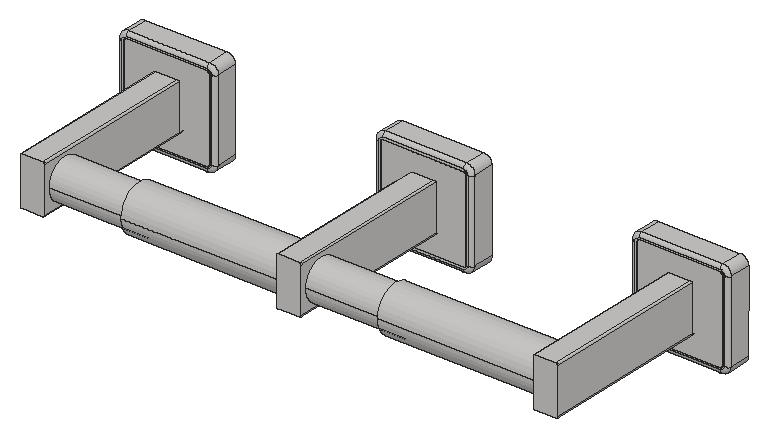
Revit family
Parameters (values of type "B-6867")
  URL = "http://www.bobrick.com/"
  Revised Date = "30/08/2013"
  Product URL = "http://www.bobrick.com/washroomaccessories/Pages/ProductDetails.aspx?Product+Number=B-6867"
  Phone # = "416.250.5656"
  Model = "B-6867"
  Material = Stainless Steel
  Manufacturer = "Bobrick"
  Designed By = "ATS BIM Team"
  Description = "DOUBLE-ROLL TOILET TISSUE DISPENSER"
  Assembly Code = "E2020200"
Reference planes (in)
  plane 1 "Center (Front/Back)": y = 0
  plane 2: z = 0
  plane 3 "Center (Left/Right)": x = 0
  plane 4: y = -3.9375
  plane 5: z = 20
  plane 6: z = 18
  plane 7: y = -0.5
  plane 8: z = 19
  plane 9: x = -5.25
  plane 10: x = -6.25
  plane 11: x = -4.25
  plane 12: x = 1
  plane 13: x = -1
  plane 14: x = 5.25
  plane 15: x = 6.25
  plane 16: x = 4.25
Forms (in)
  Sweep 1, solid, material "Stainless Steel" <- "Material"
    path origin (-2.625, 0, 0) x (1, 0, 0) y (0, 0, 1)
      loop
        arc (-3.45534, 19.875) -> (-3.48692, 19.86192) -> (-3.5, 19.83034) r 0.04466
        line (-3.5, 19.83034) -> (-3.5, 18.16966)
        arc (-3.5, 18.16966) -> (-3.48692, 18.13808) -> (-3.45534, 18.125) r 0.04466
        line (-3.45534, 18.125) -> (-1.79466, 18.125)
        arc (-1.79466, 18.125) -> (-1.76308, 18.13808) -> (-1.75, 18.16966) r 0.04466
        line (-1.75, 18.16966) -> (-1.75, 19.83034)
        arc (-1.75, 19.83034) -> (-1.76308, 19.86192) -> (-1.79466, 19.875) r 0.04466
        line (-1.79466, 19.875) -> (-3.45534, 19.875)
    profile origin (-5.25, 0, 19.875) x (0, 0, 1) y (0, -1, 0)
      loop
        line (0, 0) -> (0.125, 0) -> (0.125, 0.43237)
        arc (0.125, 0.43237) -> (0.09627, 0.47998) -> (0.0444, 0.5) r 0.08586
        line (0.0444, 0.5) -> (0, 0.5) -> (0, 0)
  Extrusion 2, solid, material "Stainless Steel" <- "Material"
    sketch origin (-2.625, 0, 0) x (1, 0, 0) y (0, 0, 1)
      loop
        arc (-3.5, 18.16966) -> (-3.48692, 18.13808) -> (-3.45534, 18.125) r 0.04466
        line (-3.45534, 18.125) -> (-1.79466, 18.125)
        arc (-1.79466, 18.125) -> (-1.76308, 18.13808) -> (-1.75, 18.16966) r 0.04466
        line (-1.75, 18.16966) -> (-1.75, 19.83034)
        arc (-1.75, 19.83034) -> (-1.76308, 19.86192) -> (-1.79466, 19.875) r 0.04466
        line (-1.79466, 19.875) -> (-3.45534, 19.875)
        arc (-3.45534, 19.875) -> (-3.48692, 19.86192) -> (-3.5, 19.83034) r 0.04466
        line (-3.5, 19.83034) -> (-3.5, 18.16966)
    from 0 to 0.5
  Extrusion 3, solid, material "Stainless Steel" <- "Material"
    sketch origin (-2.625, 0, 0) x (1, 0, 0) y (0, 0, 1)
      loop
        arc (-2.84381, 19.5) -> (-2.86587, 19.49087) -> (-2.875, 19.46881) r 0.03119
        line (-2.875, 19.46881) -> (-2.875, 18.53119)
        arc (-2.875, 18.53119) -> (-2.86587, 18.50913) -> (-2.84381, 18.5) r 0.03119
        line (-2.84381, 18.5) -> (-2.40619, 18.5)
        arc (-2.40619, 18.5) -> (-2.38413, 18.50913) -> (-2.375, 18.53119) r 0.03119
        line (-2.375, 18.53119) -> (-2.375, 19.46881)
        arc (-2.375, 19.46881) -> (-2.38413, 19.49087) -> (-2.40619, 19.5) r 0.03119
        line (-2.40619, 19.5) -> (-2.84381, 19.5)
    from 0 to 3.9375
  Sweep 4, solid, material "Stainless Steel" <- "Material"
    path origin (-2.625, 0, 0) x (-1, 0, 0) y (0, 0, 1)
      loop
        arc (-3.45534, 19.875) -> (-3.48692, 19.86192) -> (-3.5, 19.83034) r 0.04466
        line (-3.5, 19.83034) -> (-3.5, 18.16966)
        arc (-3.5, 18.16966) -> (-3.48692, 18.13808) -> (-3.45534, 18.125) r 0.04466
        line (-3.45534, 18.125) -> (-1.79466, 18.125)
        arc (-1.79466, 18.125) -> (-1.76308, 18.13808) -> (-1.75, 18.16966) r 0.04466
        line (-1.75, 18.16966) -> (-1.75, 19.83034)
        arc (-1.75, 19.83034) -> (-1.76308, 19.86192) -> (-1.79466, 19.875) r 0.04466
        line (-1.79466, 19.875) -> (-3.45534, 19.875)
    profile origin (0, 0, 19.875) x (0, 0, -1) y (0, -1, 0)
      loop
        line (0, 0) -> (0, 0.5) -> (-0.0444, 0.5)
        arc (-0.0444, 0.5) -> (-0.09627, 0.47998) -> (-0.125, 0.43237) r 0.08586
        line (-0.125, 0.43237) -> (-0.125, 0) -> (0, 0)
  Extrusion 5, solid, material "Stainless Steel" <- "Material"
    sketch origin (-2.625, 0, 0) x (-1, 0, 0) y (0, 0, -1)
      loop
        line (-3.5, -18.16966) -> (-3.5, -19.83034)
        arc (-3.5, -19.83034) -> (-3.48692, -19.86192) -> (-3.45534, -19.875) r 0.04466
        line (-3.45534, -19.875) -> (-1.79466, -19.875)
        arc (-1.79466, -19.875) -> (-1.76308, -19.86192) -> (-1.75, -19.83034) r 0.04466
        line (-1.75, -19.83034) -> (-1.75, -18.16966)
        arc (-1.75, -18.16966) -> (-1.76308, -18.13808) -> (-1.79466, -18.125) r 0.04466
        line (-1.79466, -18.125) -> (-3.45534, -18.125)
        arc (-3.45534, -18.125) -> (-3.48692, -18.13808) -> (-3.5, -18.16966) r 0.04466
    from 0 to 0.5
  Extrusion 6, solid, material "Stainless Steel" <- "Material"
    sketch origin (-2.625, 0, 0) x (-1, 0, 0) y (0, 0, -1)
      loop
        line (-2.84381, -19.5) -> (-2.40619, -19.5)
        arc (-2.40619, -19.5) -> (-2.38413, -19.49087) -> (-2.375, -19.46881) r 0.03119
        line (-2.375, -19.46881) -> (-2.375, -18.53119)
        arc (-2.375, -18.53119) -> (-2.38413, -18.50913) -> (-2.40619, -18.5) r 0.03119
        line (-2.40619, -18.5) -> (-2.84381, -18.5)
        arc (-2.84381, -18.5) -> (-2.86587, -18.50913) -> (-2.875, -18.53119) r 0.03119
        line (-2.875, -18.53119) -> (-2.875, -19.46881)
        arc (-2.875, -19.46881) -> (-2.86587, -19.49087) -> (-2.84381, -19.5) r 0.03119
    from 0 to 3.9375
  Extrusion 7, solid, material "Stainless Steel" <- "Material"
    sketch origin (-2.625, 0, 0) x (0, 1, 0) y (0, 0, 1)
      loop
        circle (-3.43628, 19) r 0.46997
    from -0.83738 to 2.375
  Extrusion 8, solid, material "Stainless Steel" <- "Material"
    sketch origin (-2.625, 0, 0) x (0, 1, 0) y (0, 0, 1)
      loop
        circle (-3.43628, 19) r 0.40747
    from -2.375 to 0
  Sweep 9, solid, material "Stainless Steel" <- "Material"
    path origin (2.625, 0, 0) x (-1, 0, 0) y (0, 0, -1)
      loop
        line (-3.45534, -19.875) -> (-1.79466, -19.875)
        arc (-1.79466, -19.875) -> (-1.76308, -19.86192) -> (-1.75, -19.83034) r 0.04466
        line (-1.75, -19.83034) -> (-1.75, -18.16966)
        arc (-1.75, -18.16966) -> (-1.76308, -18.13808) -> (-1.79466, -18.125) r 0.04466
        line (-1.79466, -18.125) -> (-3.45534, -18.125)
        arc (-3.45534, -18.125) -> (-3.48692, -18.13808) -> (-3.5, -18.16966) r 0.04466
        line (-3.5, -18.16966) -> (-3.5, -19.83034)
        arc (-3.5, -19.83034) -> (-3.48692, -19.86192) -> (-3.45534, -19.875) r 0.04466
    profile origin (5.25, 0, 19.875) x (0, 0, -1) y (0, -1, 0)
      loop
        line (0, 0) -> (0, 0.5) -> (-0.0444, 0.5)
        arc (-0.0444, 0.5) -> (-0.09627, 0.47998) -> (-0.125, 0.43237) r 0.08586
        line (-0.125, 0.43237) -> (-0.125, 0) -> (0, 0)
  Extrusion 10, solid, material "Stainless Steel" <- "Material"
    sketch origin (2.625, 0, 0) x (-1, 0, 0) y (0, 0, -1)
      loop
        line (-3.5, -18.16966) -> (-3.5, -19.83034)
        arc (-3.5, -19.83034) -> (-3.48692, -19.86192) -> (-3.45534, -19.875) r 0.04466
        line (-3.45534, -19.875) -> (-1.79466, -19.875)
        arc (-1.79466, -19.875) -> (-1.76308, -19.86192) -> (-1.75, -19.83034) r 0.04466
        line (-1.75, -19.83034) -> (-1.75, -18.16966)
        arc (-1.75, -18.16966) -> (-1.76308, -18.13808) -> (-1.79466, -18.125) r 0.04466
        line (-1.79466, -18.125) -> (-3.45534, -18.125)
        arc (-3.45534, -18.125) -> (-3.48692, -18.13808) -> (-3.5, -18.16966) r 0.04466
    from 0 to 0.5
  Extrusion 11, solid, material "Stainless Steel" <- "Material"
    sketch origin (2.625, 0, 0) x (-1, 0, 0) y (0, 0, -1)
      loop
        line (-2.84381, -19.5) -> (-2.40619, -19.5)
        arc (-2.40619, -19.5) -> (-2.38413, -19.49087) -> (-2.375, -19.46881) r 0.03119
        line (-2.375, -19.46881) -> (-2.375, -18.53119)
        arc (-2.375, -18.53119) -> (-2.38413, -18.50913) -> (-2.40619, -18.5) r 0.03119
        line (-2.40619, -18.5) -> (-2.84381, -18.5)
        arc (-2.84381, -18.5) -> (-2.86587, -18.50913) -> (-2.875, -18.53119) r 0.03119
        line (-2.875, -18.53119) -> (-2.875, -19.46881)
        arc (-2.875, -19.46881) -> (-2.86587, -19.49087) -> (-2.84381, -19.5) r 0.03119
    from 0 to 3.9375
  Extrusion 12, solid, material "Stainless Steel" <- "Material"
    sketch origin (2.625, 0, 0) x (0, 1, 0) y (0, 0, 1)
      loop
        circle (-3.43628, 19) r 0.46997
    from -0.83738 to 2.375
  Extrusion 13, solid, material "Stainless Steel" <- "Material"
    sketch origin (2.625, 0, 0) x (0, 1, 0) y (0, 0, 1)
      loop
        circle (-3.43628, 19) r 0.40747
    from -2.375 to 0
Dimensions and locks (in)
  plane 4 to plane 1 "Center (Front/Back)" = 0' - 3 15/16"
  plane 5 to plane 6 = 0' - 2"
  plane 6 to plane 5 = 0' - 2"
  plane 7 to plane 1 "Center (Front/Back)" = 0' - 0 1/2"  (x2)
  plane 9 to plane 3 "Center (Left/Right)" to plane 14 = 0' - 5 1/4", 0' - 5 1/4"
  plane 10 to plane 11 = 0' - 2"
  plane 1 "Center (Front/Back)" to plane 4 = 0' - 3 15/16"
  plane 9 to plane 3 "Center (Left/Right)" = 0' - 5 1/4"
  plane 15 to plane 16 = 0' - 2"
  plane 15 to plane 10 = 1' - 0 1/2"
